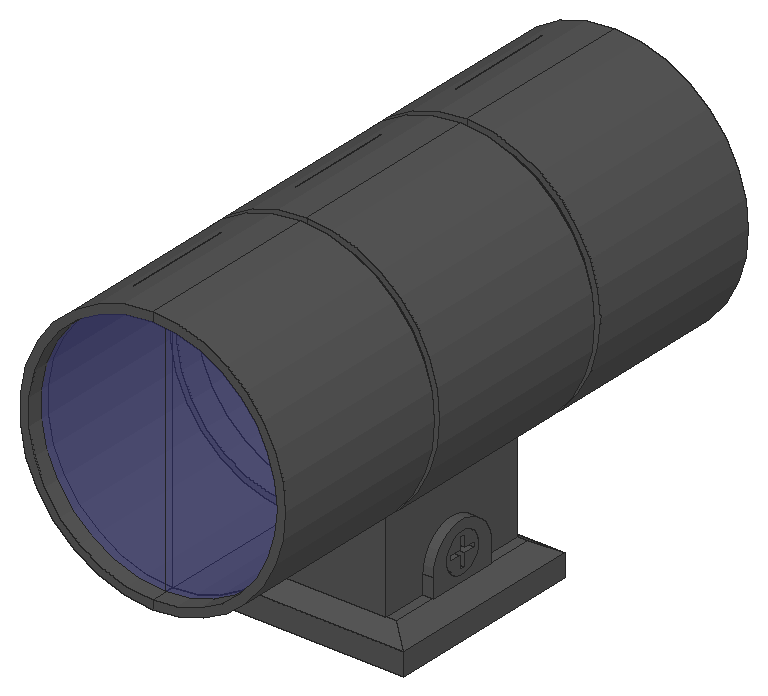
Revit family "CARLO CYLINDER LIGHT WALL MOUNT", category Lighting Fixtures, host Face, Revit 2020 (continued)
Types (10): name | Wattage_Input | Wattage Comments | Wattage | Photometric Web File | built-in parameter 1150142 | Model | built-in parameter 1150105 | Lumens | Light Length 1 | LIGHT RADIUS | LIGHT PLACEMENT | LIGHT LENGTH | LIGHT DIA | built-in parameter 1150106 | FIXED END HEIGHT | Curve base Height | Base Curve | BEAMING ANGLE | Apparent Load
     4.3919 4.5911 4.8032 5.0333 5.2642 5.471 \r\n 5.6826 5.9235 6.1819 6.4525 6.7397 7.043 7.3719 7.7276 8.1342 8.6332 \r\n 9.1736 9.7053 10.267 10.826 11.547 12.607 13.936 15.523 17.366 19.301 \r\n 21.796 24.836 29.704 37.875 48.756 62.635 78.337 94.75 111.98 129.76 \r\n 148.09 166.83 186.02 205.69 225.65 245.99 265.92 285.12 302.28 315.35 \r\n 326.29 336.33 345.67 354.96 363.97 372.59 381.11 389.89 398.61 406.91 \r\n 415.25 424.12 433.11 441.85 450.7 460 469.51 479.06 488.83 498.68 \r\n 509.26 521.49 534.32 546.93 559.45 571.75 583.82 595.6 607.1 618.26 \r\n 629.17 639.91 650.42 660.62 670.72 681.05 691.22 700.92 710.15 718.64 \r\n 726.92 735.69 744.13 751.48 758.28 764.77 771.03 777.26 783.28 788.97 \r\n 794.36 799.45 804.17 808.35 812.32 816.42 820.4 824.07 827.51 830.74 \r\n 833.81 836.89 839.76 842.24 844.42 846.29 847.92 849.53 850.74 851.18 \r\n 849.27 \r\n2.1273 851.09 850.81 850.14 849.02 847.29 845.22 843.07 840.68 837.92 \r\n 834.89 831.76 828.26 824.05 819.57 815.31 810.83 805.8 800.43 794.75 \r\n 788.96 783.42 777.67 771.32 764.61 757.54 750.42 743.74 736.95 729.56 \r\n 721.81 713.8 705.43 696.55 687.41 678.27 668.95 659.44 649.62 639.32 \r\n 628.69 617.83 606.72 595.51 583.89 571.42 558.66 546.08 533.59 521.12 \r\n 509.12 498.12 487.78 477.99 468.54 459.17 450.01 441.11 432.45 423.96 \r\n 415.75 408.11 400.48 392.22 383.94 376.23 368.47 360.07 351.44 343.39 \r\n 334.05 321.42 306.7 290.48 272.66 253.05 232.48 211.7 190.71 169.7 \r\n 148.96 128.81 109.46 91.122 74.043 58.085 44.586 35.288 28.842 24.829 \r\n 22.204 19.697 17.563 15.599 13.909 12.541 11.461 10.699 10.118 9.5891 \r\n 9.1144 8.6434 8.2031 7.8074 7.4451 7.1118 6.8013 6.5038 6.2243 5.9641 \r\n 5.7245 5.5154 5.3129 5.0891 4.8667 4.6619 4.4658 4.2768 4.0894 3.8917 \r\n 3.7013 3.5386 3.3832 3.2164 3.0527 2.902 2.7601 2.6298 2.5 2.3554 \r\n 2.2113 2.0781 1.9556 1.8514 1.7523 1.6439 1.537 1.4363 1.3453 1.2741 \r\n 1.2067 1.1315 1.0571 0.98863 0.92525 0.86898 0.81586 0.76205 0.70919 0.6564 \r\n 0.60734 0.56809 0.53041 0.48567 0.44105 0.40146 0.3651 0.332 0.30171 0.2733 \r\n 0.24818 0.22899 0.21114 0.19053 0.16847 0.14375 0.11994 0.10118 0.084542 0.06748 \r\n 0.053024 0.046164 0.038476 0.018519 0.00033901 0 0 0 0 0 \r\n 0 0 0 0 0 0 0.00011595 0.0036939 0.010093 0.020047 \r\n 0.032779 0.046209 0.06498 0.098434 0.13039 0.14188 0.15064 0.17121 0.19414 0.21352 \r\n 0.23332 0.25467 0.28022 0.31538 0.35303 0.38545 0.41984 0.46327 0.50838 0.54738 \r\n 0.58861 0.64035 0.69503 0.74653 0.79882 0.85315 0.91156 0.97769 1.048 1.1205 \r\n 1.1944 1.2666 1.3421 1.4262 1.5158 1.6122 1.7113 1.8065 1.9067 2.0208 \r\n 2.1428 2.2712 2.4026 2.5284 2.6625 2.8212 2.9877 3.1481 3.3097 3.474 \r\n 3.6444 3.8288 4.0162 4.1924 4.3748 4.5788 4.7957 5.0271 5.2585 5.4659 \r\n 5.679 5.9249 6.1883 6.4603 6.7498 7.0605 7.399 7.7653 8.1829 8.6933 \r\n 9.242 9.7704 10.332 10.909 11.657 12.752 14.118 15.731 17.605 19.584 \r\n 22.155 25.354 30.385 38.623 49.586 63.654 79.607 96.365 113.88 131.73 \r\n 150 168.59 187.64 207.39 227.54 248.14 268.29 287.55 304.61 317.31 \r\n 327.89 337.9 347.26 356.5 365.48 374.18 382.76 391.45 400.05 408.31 \r\n 416.63 425.48 434.43 443.03 451.8 461.23 470.91 480.54 490.27 499.9 \r\n 510.26 522.57 535.53 548.24 560.78 572.89 584.78 596.62 608.21 619.28 \r\n 630.08 640.86 651.38 661.33 671.21 681.65 691.97 701.62 710.76 719.15 \r\n 727.34 736.06 744.46 751.8 758.51 764.63 770.6 777.04 783.38 789.22 \r\n 794.66 799.68 804.31 808.52 812.53 816.6 820.54 824.21 827.64 830.71 \r\n 833.69 836.94 840 842.41 844.47 846.38 848.06 849.56 850.66 851.12 \r\n 849.27 \r\n2.1273 851.11 850.8 850.12 848.99 847.24 845.14 843 840.6 837.79 \r\n 834.71 831.5 827.93 823.59 819.07 815 810.75 805.76 800.41 794.88 \r\n 789.2 783.55 777.7 771.47 764.88 757.77 750.55 743.7 736.83 729.76 \r\n 722.3 714.17 705.55 696.46 687.17 678.07 668.84 659.28 649.41 639.17 \r\n 628.64 617.85 606.81 595.6 583.93 571.33 558.45 545.82 533.3 520.77 \r\n 508.62 497.27 486.59 476.71 467.3 458.06 449.04 440.16 431.49 423.06 \r\n 414.9 407.21 399.53 391.28 383.03 375.34 367.58 359.13 350.47 342.49 \r\n 333.26 320.76 306.22 290.34 272.69 252.57 231.41 210.53 189.59 168.52 \r\n 147.87 128.24 109.45 91.437 74.473 58.264 44.469 35.174 28.795 24.767 \r\n 22.124 19.633 17.526 15.594 13.931 12.571 11.495 10.744 10.17 9.6327 \r\n 9.1466 8.6739 8.2339 7.8362 7.4722 7.1392 6.8293 6.5316 6.252 5.9922 \r\n 5.7533 5.5456 5.3436 5.116 4.8903 4.6877 4.4948 4.3062 4.1181 3.9185 \r\n 3.7268 3.5662 3.4128 3.2444 3.0782 2.9251 2.7824 2.656 2.5305 2.3862 \r\n 2.242 2.1117 1.9908 1.8826 1.7781 1.6658 1.5561 1.4544 1.3633 1.2932 \r\n 1.2263 1.1501 1.0748 1.0073 0.94553 0.89138 0.83959 0.78388 0.72916 0.67821 \r\n 0.63116 0.59097 0.55195 0.50729 0.46333 0.42536 0.38979 0.35358 0.32033 0.29352 \r\n 0.27049 0.25074 0.2314 0.20876 0.18497 0.15969 0.13674 0.12222 0.10905 0.08993 \r\n 0.071688 0.0622 0.051056 0.024494 0.00045376 0 0 0 0 0 \r\n 0 0 0 0 0 0 0.000032 0.00066866 0.0027948 0.0072918 \r\n 0.014745 0.023617 0.041154 0.082693 0.12242 0.13126 0.13437 0.15001 0.16981 0.19164 \r\n 0.21499 0.23708 0.26256 0.29729 0.33488 0.36916 0.40543 0.44897 0.49372 0.53246 \r\n 0.57393 0.62749 0.68403 0.73589 0.78805 0.84224 0.90046 0.96621 1.0367 1.1113 \r\n 1.1871 1.2583 1.3325 1.4169 1.5079 1.6069 1.7068 1.7954 1.889 2.0041 \r\n 2.1279 2.2526 2.3795 2.5024 2.6361 2.8014 2.9748 3.1355 3.2958 3.4609 \r\n 3.6319 3.815 4.0011 4.1772 4.3609 4.5689 4.7899 5.0223 5.2541 5.4624 \r\n 5.6775 5.9272 6.1949 6.4687 6.761 7.0784 7.4253 7.8005 8.2269 8.7463 \r\n 9.301 9.8255 10.386 10.977 11.748 12.873 14.27 15.905 17.807 19.826 \r\n 22.461 25.781 30.929 39.198 50.202 64.395 80.537 97.599 115.4 133.35 \r\n 151.62 170.09 189.05 208.9 229.22 250.04 270.37 289.65 306.62 319.02 \r\n 329.32 339.29 348.68 357.88 366.82 375.58 384.2 392.78 401.26 409.49 \r\n 417.8 426.62 435.52 444 452.69 462.24 472.06 481.76 491.49 500.92 \r\n 511.1 523.45 536.53 549.33 561.91 573.85 585.57 597.47 609.13 620.11 \r\n 630.82 641.63 652.15 661.88 671.56 682.09 692.53 702.14 711.19 719.51 \r\n 727.62 736.27 744.61 751.97 758.63 764.43 770.13 776.74 783.35 789.35 \r\n 794.89 799.83 804.37 808.64 812.72 816.76 820.65 824.34 827.76 830.71 \r\n 833.59 836.99 840.21 842.56 844.53 846.49 848.2 849.6 850.59 851.07 \r\n 849.27 \r\n2.1273 851.15 850.82 850.09 848.92 847.17 845.08 842.91 840.47 837.63 \r\n 834.51 831.27 827.65 823.27 818.75 814.83 810.75 805.8 800.5 795.17 \r\n 789.63 783.79 777.74 771.6 765.16 758.11 750.89 743.89 736.91 730 \r\n 722.72 714.5 705.72 696.52 687.15 678.03 668.79 659.17 649.26 639.04 \r\n 628.55 617.81 606.8 595.58 583.88 571.23 558.3 545.63 533.07 520.5 \r\n 508.28 496.73 485.87 475.93 466.52 457.37 448.44 439.57 430.9 422.5 \r\n 414.35 406.59 398.85 390.62 382.4 374.72 366.93 358.42 349.69 341.67 \r\n 332.47 320.17 305.84 290.09 272.44 252 230.51 209.58 188.71 167.69 \r\n 147.17 127.85 109.39 91.606 74.765 58.498 44.583 35.212 28.772 24.708 \r\n 22.051 19.571 17.487 15.58 13.941 12.588 11.515 10.775 10.208 9.6637 \r\n 9.1678 8.69 8.2469 7.8483 7.4845 7.1521 6.8426 6.5441 6.2639 6.0055 \r\n 5.7682 5.5605 5.3575 5.1273 4.8995 4.6981 4.5069 4.3185 4.1301 3.9296 \r\n 3.7372 3.5774 3.4247 3.2553 3.088 2.9342 2.7912 2.6659 2.5418 2.3981 \r\n 2.2546 2.1267 2.0076 1.8975 1.7904 1.6771 1.5669 1.4658 1.3754 1.3055 \r\n 1.2386 1.162 1.0865 1.0197 0.95887 0.90612 0.85521 0.79828 0.74231 0.69226 \r\n 0.64624 0.60536 0.56554 0.52116 0.47795 0.44132 0.40654 0.36867 0.33373 0.30773 \r\n 0.28572 0.26522 0.24469 0.22093 0.19637 0.17107 0.14892 0.13688 0.1257 0.10565 \r\n 0.085079 0.072391 0.05764 0.027398 0.00052033 0 0 0 0 0 \r\n 0 0 0 0 0 0 0.000005 0 0.00040986 0.0034866 \r\n 0.0094144 0.016107 0.03263 0.077356 0.12027 0.1282 0.12901 0.14188 0.15979 0.18325 \r\n 0.20892 0.23181 0.2575 0.29173 0.32894 0.36415 0.40136 0.44465 0.48891 0.52749 \r\n 0.56912 0.62357 0.68109 0.73348 0.78584 0.83973 0.89747 0.96269 1.033 1.1087 \r\n 1.1854 1.2559 1.3294 1.4138 1.5053 1.6055 1.7057 1.7916 1.8824 1.9987 \r\n 2.1218 2.2439 2.3681 2.4905 2.625 2.7925 2.968 3.1288 3.2889 3.4541 \r\n 3.6252 3.8079 3.9938 4.1707 4.3555 4.5652 4.7877 5.0203 5.2522 5.462 \r\n 5.6786 5.929 6.1974 6.4733 6.7683 7.0893 7.4401 7.8188 8.2485 8.771 \r\n 9.3277 9.8499 10.409 11.006 11.786 12.925 14.337 15.983 17.898 19.942 \r\n 22.605 25.957 31.126 39.382 50.366 64.542 80.706 97.895 115.85 133.94 \r\n 152.32 170.79 189.77 209.72 230.17 251.12 271.56 290.84 307.75 320.03 \r\n 330.2 340.14 349.54 358.7 367.62 376.37 384.97 393.45 401.82 410.02 \r\n 418.33 427.09 435.93 444.35 453 462.57 472.43 482.18 491.93 501.29 \r\n 511.4 523.75 536.86 549.72 562.33 574.22 585.87 597.79 609.47 620.4 \r\n 631.06 641.88 652.4 662.02 671.59 682.15 692.62 702.17 711.13 719.43 \r\n 727.5 736.04 744.29 751.68 758.37 764.01 769.56 776.19 782.92 789.16 \r\n 794.9 799.78 804.22 808.57 812.73 816.75 820.6 824.33 827.78 830.67 \r\n 833.51 836.99 840.3 842.64 844.6 846.57 848.29 849.64 850.59 851.08 \r\n 849.27 \r\n2.1273 851.24 850.88 850.07 848.81 847.09 845.03 842.81 840.3 837.43 \r\n 834.3 831.06 827.46 823.12 818.66 814.83 810.84 805.95 800.73 795.66 \r\n 790.28 784.15 777.78 771.72 765.47 758.58 751.45 744.35 737.22 730.31 \r\n 723.05 714.78 705.97 696.78 687.4 678.17 668.82 659.14 649.19 638.95 \r\n 628.45 617.72 606.72 595.49 583.78 571.16 558.25 545.56 532.95 520.35 \r\n 508.12 496.59 485.73 475.73 466.28 457.16 448.28 439.42 430.74 422.34 \r\n 414.17 406.32 398.5 390.3 382.12 374.4 366.56 357.98 349.16 340.99 \r\n 331.73 319.69 305.61 289.77 271.93 251.39 229.86 208.96 188.17 167.31 \r\n 146.95 127.7 109.31 91.635 74.921 58.806 44.966 35.427 28.783 24.657 \r\n 21.987 19.513 17.449 15.561 13.938 12.59 11.52 10.789 10.229 9.6806 \r\n 9.1764 8.6899 8.24 7.8416 7.4801 7.1485 6.8391 6.5391 6.2578 6.002 \r\n 5.7671 5.5577 5.3522 5.1208 4.8923 4.6908 4.4998 4.3114 4.123 3.9227 \r\n 3.7304 3.5698 3.4163 3.2469 3.0799 2.9271 2.7846 2.6573 2.5313 2.3883 \r\n 2.2466 2.1205 2.0031 1.8937 1.7873 1.6761 1.5683 1.4691 1.3801 1.3098 \r\n 1.2425 1.1662 1.0912 1.0246 0.96404 0.91185 0.86132 0.80399 0.74745 0.69721 \r\n 0.65105 0.60981 0.56983 0.52595 0.48351 0.44785 0.41385 0.37601 0.34085 0.3148 \r\n 0.29252 0.2711 0.24971 0.2259 0.20168 0.17701 0.15552 0.14391 0.13297 0.11332 \r\n 0.092134 0.075738 0.057345 0.026797 0.00053117 0 0 0 0 0 \r\n 0 0 0 0 0 0 0.000042 0.00091503 0.003657 0.0099374 \r\n 0.018648 0.025918 0.041706 0.084011 0.12485 0.13382 0.13617 0.14878 0.16632 0.1904 \r\n 0.21694 0.24065 0.2668 0.3005 0.33699 0.37205 0.40912 0.45175 0.4954 0.53393 \r\n 0.57564 0.6299 0.68737 0.74046 0.79338 0.8468 0.90376 0.96829 1.038 1.1135 \r\n 1.1902 1.2605 1.3336 1.4177 1.5088 1.6083 1.7081 1.795 1.8864 2.0009 \r\n 2.122 2.2445 2.3703 2.4953 2.6314 2.796 2.9682 3.1291 3.2898 3.4546 \r\n 3.6254 3.8087 3.9955 4.174 4.3598 4.5684 4.7894 5.0213 5.2531 5.4648 \r\n 5.6826 5.9297 6.195 6.4731 6.7709 7.0918 7.4411 7.8175 8.2443 8.7636 \r\n 9.3177 9.8399 10.399 10.99 11.765 12.899 14.308 15.951 17.864 19.915 \r\n 22.568 25.853 30.938 39.134 50.034 64.035 80.035 97.149 115.12 133.38 \r\n 151.97 170.6 189.69 209.75 230.27 251.28 271.74 291.01 307.91 320.24 \r\n 330.46 340.38 349.74 358.9 367.8 376.48 384.99 393.35 401.63 409.82 \r\n 418.11 426.81 435.58 444 452.65 462.13 471.92 481.68 491.48 500.93 \r\n 511.1 523.4 536.45 549.32 561.97 573.91 585.61 597.51 609.15 620.08 \r\n 630.73 641.55 652.07 661.69 671.26 681.78 692.18 701.65 710.55 718.86 \r\n 726.94 735.32 743.43 750.88 757.68 763.34 768.87 775.37 782.04 788.6 \r\n 794.66 799.49 803.83 808.27 812.54 816.54 820.37 824.15 827.67 830.61 \r\n 833.47 836.94 840.23 842.65 844.67 846.63 848.33 849.7 850.68 851.15 \r\n 849.27 \r\n2.1273 851.34 850.97 850.03 848.67 847 844.99 842.69 840.09 837.19 \r\n 834.06 830.84 827.29 823.04 818.67 814.9 810.96 806.13 801.02 796.25 \r\n 791.07 784.56 777.79 771.8 765.78 759.13 752.16 744.95 737.64 730.62 \r\n 723.29 715.01 706.22 697.1 687.75 678.38 668.84 659.09 649.1 638.8 \r\n 628.26 617.52 606.52 595.27 583.56 571.02 558.18 545.45 532.8 520.21 \r\n 508.02 496.6 485.85 475.81 466.29 457.19 448.34 439.49 430.81 422.39 \r\n 414.17 406.2 398.28 390.13 382 374.23 366.29 357.63 348.7 340.29 \r\n 330.88 319.13 305.33 289.25 271.11 250.59 229.15 208.32 187.63 167.01 \r\n 146.85 127.56 109.1 91.501 74.938 59.122 45.489 35.734 28.799 24.598 \r\n 21.919 19.449 17.403 15.531 13.923 12.581 11.515 10.794 10.241 9.689 \r\n 9.177 8.6795 8.2205 7.823 7.465 7.1347 6.8257 6.5236 6.241 5.9887 \r\n 5.7568 5.5447 5.3356 5.1036 4.8752 4.673 4.4813 4.2927 4.1045 3.9052 \r\n 3.7133 3.5512 3.3961 3.2271 3.0612 2.9105 2.769 2.6377 2.5078 2.3658 \r\n 2.2265 2.1021 1.9865 1.8792 1.7754 1.6681 1.5643 1.4682 1.3811 1.3101 \r\n 1.2419 1.1663 1.0922 1.0257 0.96514 0.91305 0.8626 0.80528 0.74854 0.69755 \r\n 0.65065 0.60915 0.56931 0.52614 0.48465 0.44989 0.41675 0.37981 0.34514 0.31856 \r\n 0.29535 0.27285 0.25074 0.22745 0.20417 0.18051 0.1597 0.14748 0.13588 0.11735 \r\n 0.096396 0.075573 0.05311 0.024137 0.00051033 0 0 0 0 0 \r\n 0 0 0 0 0 0 0.00011595 0.0035038 0.010141 0.022291 \r\n 0.036247 0.045594 0.060727 0.097367 0.13312 0.14437 0.1505 0.16416 0.182 0.20623 \r\n 0.23297 0.25765 0.28452 0.3176 0.35307 0.38741 0.42375 0.46546 0.50838 0.54691 \r\n 0.58866 0.64214 0.69904 0.75296 0.80669 0.85952 0.91547 0.97914 1.0481 1.1227 \r\n 1.1987 1.269 1.3421 1.4257 1.5159 1.6135 1.7121 1.8009 1.8936 2.0053 \r\n 2.1262 2.2509 2.38 2.5095 2.6478 2.8065 2.9723 3.1332 3.2954 3.4592 \r\n 3.6293 3.8139 4.0027 4.1834 4.3703 4.5762 4.7939 5.0244 5.256 5.4701 \r\n 5.689 5.9305 6.1905 6.471 6.7718 7.0905 7.4353 7.8056 8.2254 8.7372 \r\n 9.2854 9.8082 10.366 10.946 11.705 12.824 14.218 15.85 17.751 19.8 \r\n 22.417 25.569 30.495 38.591 49.355 63.072 78.786 95.709 113.62 132.09 \r\n 150.97 169.84 189.13 209.3 229.88 250.87 271.3 290.53 307.44 319.94 \r\n 330.32 340.24 349.55 358.72 367.61 376.17 384.54 392.79 400.98 409.16 \r\n 417.45 426.05 434.74 443.21 451.88 461.21 470.85 480.61 490.49 500.11 \r\n 510.42 522.65 535.58 548.42 561.11 573.19 585.01 596.86 608.42 619.36 \r\n 630.04 640.84 651.36 661.07 670.7 681.12 691.4 700.77 709.62 717.98 \r\n 726.09 734.28 742.23 749.77 756.71 762.52 768.11 774.37 780.88 787.81 \r\n 794.27 799.06 803.29 807.84 812.23 816.22 820.02 823.88 827.51 830.53 \r\n 833.45 836.85 840.08 842.61 844.76 846.69 848.35 849.77 850.8 851.27 \r\n 849.27 \r\n2.1273 851.48 851.07 849.99 848.5 846.89 844.97 842.56 839.83 836.91 \r\n 833.79 830.61 827.13 823.03 818.79 815.04 811.11 806.34 801.35 796.95 \r\n 791.98 785.02 777.76 771.85 766.07 759.74 753.01 745.69 738.16 730.94 \r\n 723.46 715.18 706.46 697.49 688.22 678.64 668.85 659.02 648.98 638.6 \r\n 627.98 617.21 606.19 594.91 583.21 570.8 558.07 545.32 532.62 520.05 \r\n 507.95 496.78 486.24 476.16 466.55 457.44 448.61 439.79 431.11 422.65 \r\n 414.36 406.25 398.21 390.11 382.04 374.19 366.13 357.37 348.31 339.57 \r\n 329.94 318.51 305 288.52 269.97 249.57 228.39 207.66 187.1 166.79 \r\n 146.88 127.43 108.77 91.206 74.817 59.445 46.152 36.13 28.82 24.532 \r\n 21.848 19.379 17.35 15.491 13.895 12.56 11.499 10.788 10.242 9.6888 \r\n 9.1695 8.6587 8.1884 7.7924 7.4394 7.1107 6.8021 6.4976 6.2133 5.9655 \r\n 5.7375 5.5214 5.3074 5.0757 4.8481 4.6446 4.4514 4.2624 4.0745 3.8769 \r\n 3.6861 3.5216 3.3641 3.1959 3.0319 2.8844 2.7443 2.6073 2.4715 2.3306 \r\n 2.1942 2.0715 1.9579 1.8539 1.7545 1.6531 1.555 1.4631 1.3784 1.3062 \r\n 1.2369 1.1623 1.0895 1.0231 0.96216 0.90973 0.85903 0.80213 0.74556 0.69327 \r\n 0.64504 0.60338 0.56396 0.52173 0.48136 0.44744 0.41526 0.38007 0.3466 0.31901 \r\n 0.29419 0.27047 0.2478 0.22558 0.20385 0.18159 0.16144 0.14757 0.13442 0.11776 \r\n 0.097865 0.071895 0.044934 0.019417 0.00045858 0 0 0 0 0 \r\n 0 0 0 0 0 0 0.00022726 0.0074112 0.019861 0.040546 \r\n 0.062212 0.075136 0.089691 0.11743 0.14509 0.15984 0.17202 0.18799 0.20686 0.23075 \r\n 0.257 0.28281 0.31067 0.34303 0.3772 0.41023 0.44527 0.48579 0.52784 0.56644 \r\n 0.60819 0.66031 0.71609 0.77099 0.82577 0.87787 0.93258 0.99526 1.0631 1.1363 \r\n 1.2112 1.2816 1.3549 1.4377 1.5264 1.6211 1.7177 1.8092 1.9039 2.0151 \r\n 2.1358 2.2637 2.3973 2.533 2.6742 2.8241 2.9802 3.1413 3.3055 3.468 \r\n 3.6371 3.8236 4.0152 4.1989 4.3871 4.5886 4.8012 5.0296 5.2609 5.4777 \r\n 5.6978 5.9314 6.1838 6.4671 6.771 7.0854 7.4226 7.783 8.1918 8.6919 \r\n 9.2308 9.7549 10.311 10.873 11.608 12.7 14.067 15.68 17.559 19.596 \r\n 22.152 25.104 29.798 37.752 48.329 61.653 76.96 93.576 111.36 130.07 \r
